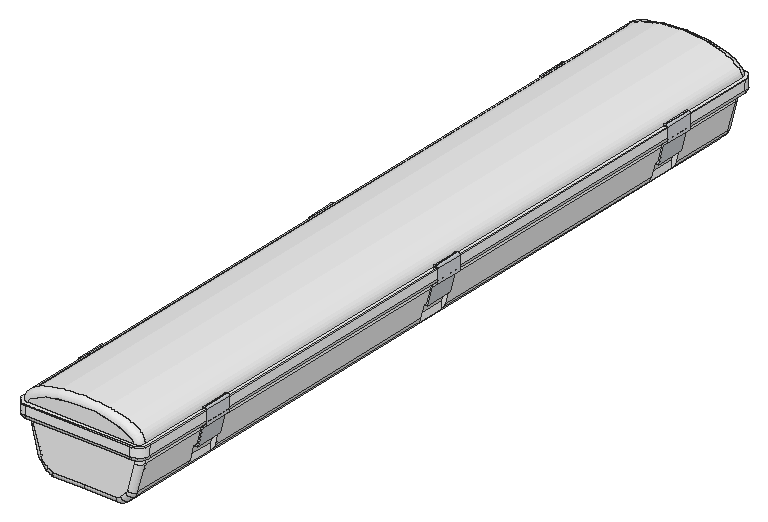
Revit family "0048769 Feilo Sylvania Lighting Fixture HYDROPROOF LED G3 600MM S 4K", category Lighting Fixtures, host Face, Revit 2016
Family settings
  Host = Face
  Part Type = Normal
  Round Connector Dimension = Use Diameter
  OmniClass Number = 23.80.70.11.14
  OmniClass Title = General Luminaries, Directional
  Cut with Voids When Loaded = No
  Light Source = Yes
  Shared = No
  Room Calculation Point = No
Parameters (values of type "0048769 HYDROPROOF LED G3 600MM S 4K  ")
  Width = 110 mm
  Weight = "1.12 kg"
  Wattage Comments = "n/a"
  Wattage = 14 W
  WarrantyStartDate [instance] = "n/a"
  WarrantyGuarantorParts = "n/a"
  WarrantyDurationUnit = "n/a"
  WarrantyDurationParts = "n/a"
  WarrantyDescription = "n/a"
  built-in parameter 1150110 = 1 (stored number, unit not read)
  Voltage = 230 V
  URL = "http://www.sylvania-lighting.com"
  TypeName = "HYDROPROOF LED G3 600MM S 4K"
  Type Image = <None>
  Type Comments = "n/a"
  built-in parameter 1114217 = 1 (stored number, unit not read)
  Tilt Angle = -90.00°
  built-in parameter 1150109 = 1 (stored number, unit not read)
  built-in parameter 1150134 = 12
  built-in parameter 1150113 = 1 (stored number, unit not read)
  SerialNumber [instance] = "n/a"
  ReflectorMaterial = none
  PowerFactor = 0
  PowerConsumption = "14 W"
  Photometric Web File = "0048769.ies"
  NominalWidth = 0 mm
  NominalLength = 665 mm
  NominalHeight = 78 mm
  Name = "HYDROPROOF LED G3 600MM S 4K"
  ModelReference = "HYDROPROOF LED G3 600MM S 4K"
  ModelNumber = "0048769"
  Model = "HYDROPROOF LED G3 600MM S 4K"
  Material = "grp housing, pmma diffuser"
  ManufacturerName = "Feilo Sylvania"
  Manufacturer = "Feilo Sylvania"
  LuminousEfficacy = "135 lm/W"
  built-in parameter 1150105 = 150.4 (stored number, unit not read)
  Lumens = 1890 lm
  LuminaireType = ""
  built-in parameter 1150115 = 1 (stored number, unit not read)
  LightOutputRatio = "n/a"
  built-in parameter 1150137 = (empty or 0)
  built-in parameter 1150139 = (empty or 0)
  Length = 665 mm
  LampsType = Lamp  # "LED"
  LampNominalLuminous = "1900 lm"
  LampMacAdamStep = "3"
  LampColourTemperature = "4000 K"
  LampColourRenderingIndex = "80"
  built-in parameter 1150112 = 1 (stored number, unit not read)
  built-in parameter 1150114 = 1 (stored number, unit not read)
  Lamp = "LED"
  Keynote = "16500"
  InstallationDate [instance] = "n/a"
  InputVoltage = "220-240V~"
  InputNominalFrequency = "50/60 Hz"
  built-in parameter 1150132 = (empty or 0)
  built-in parameter 1150102 = (empty or 0)
  built-in parameter 1150107 = 4000 (stored number, unit not read)
  built-in parameter 1150138 = (empty or 0)
  IngressProtection = "IP65"
  ImpactProtectionIndex = "IK02"
  built-in parameter 1150106 = 1.504 (stored number, unit not read)
  IfcExportType = "IfcLightFixtureType"
  IfcExportAs = "IfcLightFixtureType"
  ExpectedLife = 50000
  Emit from Rectangle Width = Width - 20 mm  # 90 mm
  Emit from Rectangle Length = Length - 20 mm  # 645 mm
  Emit Shape Visible in Rendering = no
  ElectricShockClassification = "Class I"
  built-in parameter 1150104 = 12.542 (stored number, unit not read)
  DurationUnit = "hours"
  DocumentationLiterature = "http://www.sylvania-lighting.com/product/en-int/products/0048769"
  DimmingControlOptions = "Non dimmable"
  Dimming Lamp Color Temperature Shift = <None>
  DiffuserMaterial = Diffuser-Sylvania-Transparent
  Description = "Hydroproof, integrated LED chemical resistant weatherproof luminaire, with UV stabilized flat diffuser and linear prisms designed to achieve uniform lit appearance, optimise light output and to reduce glare, stainless steel diffuser clips and fixing brackets for surface and wall mounting. L 665 mm x W 110 mm x H 78 mm size, GRP housing, PMMA diffuser, Non dimmable,   4000K, CRI80,  1900 lm, 14 W, 135 lm/W, nominal average life (h):50000, energy class: A++ A+ A Class I,IK02, IP65."
  Default Elevation = 1219.2 mm
  CreatedOn = "3/27/2018"
  CreatedBy = "aron.fodor@feilosylvania.com"
  Cost = 0
  Color Filter = 16777215
  built-in parameter 1114216 [instance] = (empty or 0)
  ClassificationValue = "EF_70_80"
  ClassificationName = "Uniclass2015"
  BracketOffset_FEILO = 360 mm
  BodyMaterial = Body-Sylvania-Gray
  BarCode [instance] = "n/a"
  built-in parameter 1114218 = 1 (stored number, unit not read)
  built-in parameter 1150133 = 10 (stored number, unit not read)
  AssetType = "Fixed"
  AssetIdentifier [instance] = "n/a"
  Assembly Code = "D5020200"
  Apparent Load = 14 VA
  AccessoryMaterial = Diffuser-Sylvania-Glow
Reference planes
  plane 1 "Center (Front/Back)": y = 0
  plane 2: z = 0
  plane 3 "Center (Left/Right)": x = 0
  plane 4: z = 54
  plane 5: x = -27.7
  plane 6: x = -34.8
  plane 7: x = -39.6
  plane 8: x = -42.2
  plane 9: z = 3
  plane 10: z = 7.8
  plane 11: z = 12.3
  plane 12: z = 36.6
  plane 13: z = 42.8
  plane 14: x = -51.1
  plane 15: z = 46.2
  plane 16: x = -55
  plane 17: y = 332.5
  plane 18: y = -332.5
  plane 19: x = 27.7
  plane 20: x = 34.8
  plane 21: x = 39.6
  plane 22: x = 42.2
  plane 23: x = 51.1
  plane 24: x = 55
  plane 25: y = 324.9
  plane 26: y = -324.9
  plane 27: y = -321.2
  plane 28: y = 321.2
  plane 29: z = 74
  plane 30: x = -51.5
  plane 31: x = 51.5
  plane 32: z = 55.2
  plane 33: y = -329
  plane 34: y = 329
  plane 35: x = -37.5
  plane 36: x = 37.5
  plane 37: x = -48.7
  plane 38: x = 48.7
  plane 39: z = 50.2
  plane 40: z = 24.6
  plane 41: y = 720
  plane 42: y = 706
  plane 43: y = 734
  plane 44: y = 250
  plane 45: y = 236
  plane 46: y = 264
  plane 47: y = 0
  plane 48: y = -14
  plane 49: y = 14
  plane 50: y = -250
  plane 51: y = -264
  plane 52: y = -236
Forms (mm)
  Sweep 1, solid, material "Body-Sylvania-Gray" <- "BodyMaterial", detail levels medium+fine
    path origin (1223.4, -4572, 54) x (0, -1, 0) y (1, 0, 0)
      loop
        arc (-4249.5, -1278.4) -> (-4242.429, -1275.471) -> (-4239.5, -1268.4) r 10
        line (-4239.5, -1268.4) -> (-4239.5, -1178.4)
        arc (-4239.5, -1178.4) -> (-4242.429, -1171.329) -> (-4249.5, -1168.4) r 10
        line (-4249.5, -1168.4) -> (-4894.5, -1168.4)
        arc (-4894.5, -1168.4) -> (-4901.571, -1171.329) -> (-4904.5, -1178.4) r 10
        line (-4904.5, -1178.4) -> (-4904.5, -1268.4)
        arc (-4904.5, -1268.4) -> (-4901.571, -1275.471) -> (-4894.5, -1278.4) r 10
        line (-4894.5, -1278.4) -> (-4249.5, -1278.4)
    profile origin (-55, 0, 54) x (-1, 0, 0) y (0, 0, 1)
      loop
        line (0, 0) -> (-1, 0) -> (-1, -7.726)
        arc (-1, -7.726) -> (-1.994, -9.498) -> (-3.9, -10.2) r 2.937
        line (-3.9, -10.2) -> (-8.571, -10.2) -> (-8.571, -11.2) -> (-3.9, -11.2)
        arc (-3.9, -11.2) -> (-1.313, -10.231) -> (0, -7.8) r 3.937
        line (0, -7.8) -> (0, 0)
  Sweep 2, solid, material "Body-Sylvania-Gray" <- "BodyMaterial", detail levels medium+fine
    path origin (0, 0, 0) x (1, 0, 0) y (0, 0, 1)
      loop
        line (48.7, 42.8) -> (48.7, 36.6) -> (42.203, 12.31)
        arc (42.203, 12.31) -> (41.199, 9.884) -> (39.6, 7.8) r 10.052
        line (39.6, 7.8) -> (34.8, 3)
        arc (34.8, 3) -> (31.554, 0.781) -> (27.7, 0) r 9.902
        line (27.7, 0) -> (0, 0) -> (-27.7, 0)
        arc (-27.7, 0) -> (-31.554, 0.781) -> (-34.8, 3) r 9.902
        line (-34.8, 3) -> (-39.6, 7.8)
        arc (-39.6, 7.8) -> (-41.199, 9.884) -> (-42.203, 12.31) r 10.052
        line (-42.203, 12.31) -> (-48.7, 36.6) -> (-48.7, 42.8)
    profile origin (0, 0, 0) x (0, 0, -1) y (0, -1, 0)
      loop
        arc (0, 319.9) -> (-1.464, 323.436) -> (-5, 324.9) r 5
        line (-5, 324.9) -> (-7.8, 324.9) -> (-7.8, -324.9) -> (-5, -324.9)
        arc (-5, -324.9) -> (-1.464, -323.436) -> (0, -319.9) r 5
        line (0, -319.9) -> (0, 319.9)
  Extrusion 3, solid, material "Body-Sylvania-Gray" <- "BodyMaterial", detail levels medium+fine
    sketch origin (1524, 324.9, 1219.2) x (1, 0, 0) y (0, 0, 1)
      loop
        arc (-1558.668, -1204.874) -> (-1558.443, -1205.418) -> (-1558.085, -1205.885) r 2.252
        line (-1558.085, -1205.885) -> (-1553.231, -1210.738)
        arc (-1553.231, -1210.738) -> (-1552.534, -1211.227) -> (-1551.7, -1211.4) r 2.102
        line (-1551.7, -1211.4) -> (-1496.3, -1211.4)
        arc (-1496.3, -1211.4) -> (-1495.466, -1211.227) -> (-1494.769, -1210.738) r 2.102
        line (-1494.769, -1210.738) -> (-1489.915, -1205.885)
        arc (-1489.915, -1205.885) -> (-1489.557, -1205.418) -> (-1489.332, -1204.874) r 2.252
        line (-1489.332, -1204.874) -> (-1483.1, -1181.575) -> (-1483.1, -1176.4) -> (-1564.9, -1176.4) -> (-1564.9, -1181.575) -> (-1558.668, -1204.874)
    from 0 to 649.8
  Sweep 4, solid, material "Diffuser-Sylvania-Transparent" <- "DiffuserMaterial", detail levels medium+fine
    path origin (0, 0, 0) x (1, 0, 0) y (0, 0, 1)
      loop
        spline (-51.5, 55.2) -> (-49.745, 60.066) -> (-44.6, 64.6) -> (-36.416, 68.494) -> (-25.75, 71.481) -> (-13.329, 73.359) -> (0, 74) -> (13.329, 73.359) -> (25.75, 71.481) -> (36.416, 68.494) -> (44.6, 64.6) -> (49.745, 60.066) -> (51.5, 55.2)
    profile origin (51.5, 0, 55.2) x (0, -1, 0) y (1, 0, 0)
      loop
        arc (329, -5.5) -> (327.389, -1.611) -> (323.5, 0) r 5.5
        line (323.5, 0) -> (-323.5, 0)
        arc (-323.5, 0) -> (-327.389, -1.611) -> (-329, -5.5) r 5.5
        line (-329, -5.5) -> (-329, -6.3) -> (-328, -6.3) -> (-328, -5.5)
        arc (-328, -5.5) -> (-326.682, -2.318) -> (-323.5, -1) r 4.5
        line (-323.5, -1) -> (323.5, -1)
        arc (323.5, -1) -> (326.682, -2.318) -> (328, -5.5) r 4.5
        line (328, -5.5) -> (328, -6.347) -> (329, -6.347) -> (329, -5.5)
  Extrusion 5, solid, material "Diffuser-Sylvania-Transparent" <- "DiffuserMaterial", detail levels medium+fine
    sketch origin (1524, -329, 1219.2) x (1, 0, 0) y (0, 0, 1)
      loop
        line (-1569.653, -1164) -> (-1478.347, -1164)
        spline (-1478.347, -1164) -> (-1478.969, -1162.594) -> (-1482.527, -1159.545) -> (-1489.588, -1156.201) -> (-1499.458, -1153.445) -> (-1511.242, -1151.663) -> (-1524, -1151.049) -> (-1536.758, -1151.663) -> (-1548.542, -1153.445) -> (-1558.412, -1156.201) -> (-1565.473, -1159.545) -> (-1569.031, -1162.594) -> (-1569.653, -1164)
    from 0 to -1
  Extrusion 6, solid, material "Diffuser-Sylvania-Transparent" <- "DiffuserMaterial", detail levels medium+fine
    sketch origin (1524, 329, 1219.2) x (1, 0, 0) y (0, 0, 1)
      loop
        spline (-1478.3, -1164) -> (-1478.931, -1162.565) -> (-1482.502, -1159.505) -> (-1489.572, -1156.155) -> (-1499.446, -1153.394) -> (-1511.236, -1151.614) -> (-1524, -1151.007) -> (-1536.764, -1151.614) -> (-1548.554, -1153.394) -> (-1558.428, -1156.155) -> (-1565.498, -1159.505) -> (-1569.069, -1162.565) -> (-1569.7, -1164)
        line (-1569.7, -1164) -> (-1478.3, -1164)
    from 0 to 1
  Extrusion 7, solid, material "Diffuser-Sylvania-Transparent" <- "DiffuserMaterial", detail levels medium+fine
    sketch origin (1223.4, -4572, 55.2) x (0, -1, 0) y (-1, 0, 0)
      loop
        arc (-4900, 1177.4) -> (-4898.682, 1174.218) -> (-4895.5, 1172.9) r 4.5
        line (-4895.5, 1172.9) -> (-4248.5, 1172.9)
        arc (-4248.5, 1172.9) -> (-4245.318, 1174.218) -> (-4244, 1177.4) r 4.5
        line (-4244, 1177.4) -> (-4244, 1269.4)
        arc (-4244, 1269.4) -> (-4245.318, 1272.582) -> (-4248.5, 1273.9) r 4.5
        line (-4248.5, 1273.9) -> (-4895.5, 1273.9)
        arc (-4895.5, 1273.9) -> (-4898.682, 1272.582) -> (-4900, 1269.4) r 4.5
        line (-4900, 1269.4) -> (-4900, 1177.4)
      loop
        line (-4904.5, 1268.4) -> (-4904.5, 1178.4)
        arc (-4904.5, 1178.4) -> (-4901.571, 1171.329) -> (-4894.5, 1168.4) r 10
        line (-4894.5, 1168.4) -> (-4249.5, 1168.4)
        arc (-4249.5, 1168.4) -> (-4242.429, 1171.329) -> (-4239.5, 1178.4) r 10
        line (-4239.5, 1178.4) -> (-4239.5, 1268.4)
        arc (-4239.5, 1268.4) -> (-4242.429, 1275.471) -> (-4249.5, 1278.4) r 10
        line (-4249.5, 1278.4) -> (-4894.5, 1278.4)
        arc (-4894.5, 1278.4) -> (-4901.571, 1275.471) -> (-4904.5, 1268.4) r 10
    from 0 to 1.2
  Extrusion 8, solid, material "Diffuser-Sylvania-Glow" <- "AccessoryMaterial", detail levels fine
    sketch origin (0, 0, 0) x (1, 0, 0) y (0, 0, 1)
      loop
        circle (0, 50.2) r 8
    from -321.2 to 321.2
  Extrusion 9, solid, material "Body-Sylvania-Gray" <- "BodyMaterial", detail levels coarse
    sketch origin (0, 0, 0) x (1, 0, 0) y (0, 0, 1)
      loop
        line (55, 42.8) -> (55, 55.2) -> (-55, 55.2) -> (-55, 42.791) -> (-42.2, 0) -> (42.2, 0) -> (55, 42.8)
    from -332.5 to 332.5
  Extrusion 10, solid, material "Diffuser-Sylvania-Transparent" <- "DiffuserMaterial", detail levels coarse
    sketch origin (0, 0, 0) x (1, 0, 0) y (0, 0, 1)
      loop
        arc (51.5, 55.2) -> (0, 74) -> (-51.5, 55.2) r 79.939
        line (-51.5, 55.2) -> (51.5, 55.2)
    from 324.9 to -324.9
  Extrusion 11, void, not visible
    sketch origin (0, 720, 2343.807) x (0, 0, -1) y (-1, 0, 0)
      loop
        line (2340.807, -37.5) -> (2331.507, -37.5) -> (2319.207, -42.2) -> (2319.207, -48.7) -> (2340.807, -48.7) -> (2340.807, -37.5)
      loop
        line (2340.807, 37.5) -> (2340.807, 48.7) -> (2319.207, 48.7) -> (2319.207, 42.2) -> (2331.507, 37.5) -> (2340.807, 37.5)
    from -14 to 14
  Extrusion 12, void
    sketch origin (0, 250, 2343.807) x (0, 0, -1) y (-1, 0, 0)
      loop
        line (2340.807, -37.5) -> (2331.507, -37.5) -> (2319.207, -42.2) -> (2319.207, -48.7) -> (2340.807, -48.7) -> (2340.807, -37.5)
      loop
        line (2340.807, 37.5) -> (2340.807, 48.7) -> (2319.207, 48.7) -> (2319.207, 42.2) -> (2331.507, 37.5) -> (2340.807, 37.5)
    from -14 to 14
  Extrusion 13, void
    sketch origin (0, 0, 2343.807) x (0, 0, -1) y (-1, 0, 0)
      loop
        line (2340.807, -37.5) -> (2331.507, -37.5) -> (2319.207, -42.2) -> (2319.207, -48.7) -> (2340.807, -48.7) -> (2340.807, -37.5)
      loop
        line (2340.807, 37.5) -> (2340.807, 48.7) -> (2319.207, 48.7) -> (2319.207, 42.2) -> (2331.507, 37.5) -> (2340.807, 37.5)
    from -14 to 14
  Extrusion 14, void
    sketch origin (0, -250, 2343.807) x (0, 0, -1) y (-1, 0, 0)
      loop
        line (2340.807, -37.5) -> (2331.507, -37.5) -> (2319.207, -42.2) -> (2319.207, -48.7) -> (2340.807, -48.7) -> (2340.807, -37.5)
      loop
        line (2340.807, 37.5) -> (2340.807, 48.7) -> (2319.207, 48.7) -> (2319.207, 42.2) -> (2331.507, 37.5) -> (2340.807, 37.5)
    from -14 to 14
Cuts and joins
  Extrusion 12, Extrusion 13, Extrusion 14 cuts Sweep 2
  Extrusion 12, Extrusion 13, Extrusion 14 cuts Extrusion 3
  joined: Sweep 2, Extrusion 3
  joined: Sweep 4, Extrusion 5, Extrusion 6
Dimensions and locks
  locked: plane 4 to plane 2 at 54
  plane 5 to plane 6 to plane 7 to plane 8 to plane 14 to plane 16 = 7.1 mm locked, 4.8 mm locked, 2.6 mm locked, 8.9 mm, 3.9 mm
  plane 4 to plane 15 to plane 13 to plane 12 to plane 11 to plane 10 to plane 9 = 7.8 mm locked, 3.4 mm, 6.2 mm locked, 24.3 mm locked, 4.5 mm locked, 4.8 mm locked
  equal spacing: plane 18, plane 1 "Center (Front/Back)", plane 17
  "Length": plane 18 to plane 17
  plane 19 to plane 20 to plane 21 to plane 22 to plane 23 to plane 24 = 7.1 mm locked, 4.8 mm locked, 2.6 mm locked, 8.9 mm, 3.9 mm
  equal spacing: plane 24, plane 3 "Center (Left/Right)", plane 16
  "Width": plane 24 to plane 16
  equal spacing: plane 27, plane 1 "Center (Front/Back)", plane 28
  locked: plane 26 to plane 27 at 3.7
  locked: Sweep 1 sketch curve to profile plane at 1
  locked: Sweep 1 sketch curve to plane 13 at 1
  locked: Sweep 1 sketch curve to plane 13 at 3.937  (x2)
  locked: Sweep 1 sketch curve to profile plane at 3.9  (x2)
  locked: plane 29 to plane 4 at 20
  equal spacing: plane 31, plane 3 "Center (Left/Right)", plane 30
  locked: plane 30 to plane 16 at 3.5
  locked: plane 32 to plane 4 at 1.2
  equal spacing: plane 33, plane 1 "Center (Front/Back)", plane 34
  equal spacing: plane 36, plane 3 "Center (Left/Right)", plane 35
  locked: plane 3 "Center (Left/Right)" to plane 35 at 37.5
  locked: plane 34 to plane 17 at 3.5
  equal spacing: plane 38, plane 3 "Center (Left/Right)", plane 37
  locked: plane 37 to plane 16 at 6.3
  equal spacing: plane 25, plane 1 "Center (Front/Back)", plane 26
  locked: plane 17 to plane 25 at 7.6
  locked: Sweep 2 sketch curve to plane 2 at 5  (x2)
  locked: Sweep 2 sketch curve to plane 26 at 5
  locked: plane 25 to Sweep 2 sketch curve at 5
  locked: Sweep 4 sketch curve to plane 31 at 5.5  (x2)
  locked: Sweep 4 sketch curve to plane 34 at 5.5
  plane 33 to Sweep 4 sketch curve = 5.5 mm
  locked: plane 34 to Sweep 4 sketch curve at 1
  locked: Sweep 4 sketch curve to plane 31 at 1
  locked: Sweep 4 sketch curve to Sweep 4 sketch curve at 1
  locked: Sweep 4 sketch curve to plane 31 at 6.347
  locked: Sweep 4 sketch curve to plane 31 at 6.3
  locked: plane 40 to plane 2 at 24.6
  plane 43 to plane 41 to plane 42 = 14 mm locked, 14 mm locked
  plane 46 to plane 44 to plane 45 = 14 mm locked, 14 mm locked
  plane 49 to plane 47 to plane 48 = 14 mm locked, 14 mm locked
  plane 52 to plane 50 to plane 51 = 14 mm locked, 14 mm locked
  equal spacing: plane 44, plane 1 "Center (Front/Back)", plane 50
  locked: plane 44 to plane 1 "Center (Front/Back)" at 250
  aligned and locked: plane 2 to host face
  aligned and locked: level to host face
  aligned and locked: plane 16 to Sweep 1 sketch curve
  aligned and locked: Sweep 1 sketch curve to plane 24
  aligned and locked: plane 18 to Sweep 1 sketch curve
  aligned and locked: Sweep 1 sketch curve to plane 13
  aligned and locked: profile plane to Sweep 1 sketch curve
  aligned and locked: plane 3 "Center (Left/Right)" to Sweep 2 sketch curve
  aligned and locked: plane 9 to Sweep 2 sketch curve
  aligned and locked: plane 10 to Sweep 2 sketch curve
  aligned and locked: plane 37 to Sweep 2 sketch curve
  aligned and locked: plane 12 to Sweep 2 sketch curve
  aligned and locked: Sweep 2 sketch curve to level
  aligned and locked: plane 21 to Sweep 2 sketch curve
  aligned and locked: plane 38 to Sweep 2 sketch curve
  aligned and locked: profile plane to Sweep 2 sketch curve
  aligned and locked: plane 25 to Sweep 2 sketch curve
  aligned and locked: Sweep 2 sketch curve to plane 10
  aligned and locked: Extrusion 3 sketch curve to Sweep 2  (x7)
  aligned and locked: Sweep 2 to Extrusion 3 sketch curve
  aligned and locked: Extrusion 3 to plane 25
  aligned and locked: plane 26 to Extrusion 3
  aligned and locked: plane 32 to Sweep 4 sketch curve
  aligned and locked: plane 33 to Sweep 4 sketch curve
  aligned and locked: Sweep 4 to Extrusion 5
  aligned and locked: plane 33 to Extrusion 5
  aligned and locked: Extrusion 5 sketch curve to Sweep 4
  aligned and locked: cut or joined group of Sweep 4, Extrusion 5, Extrusion 6 to Extrusion 6 sketch curve
  aligned and locked: Extrusion 7 sketch curve to cut or joined group of Sweep 4, Extrusion 5, Extrusion 6  (x2)
  aligned and locked: cut or joined group of Sweep 4, Extrusion 5, Extrusion 6 to Extrusion 7 sketch curve  (x2)
  aligned and locked: plane 39 to Extrusion 8 sketch curve
  aligned and locked: plane 27 to Extrusion 8
  aligned and locked: Extrusion 8 to plane 28
  aligned and locked: Extrusion 7 sketch curve to Sweep 1  (x4)
  aligned and locked: plane 4 to Extrusion 7
  aligned and locked: Extrusion 7 to plane 32
  aligned and locked: Extrusion 9 sketch curve to plane 24
  aligned and locked: Extrusion 9 sketch curve to Extrusion 7
  aligned and locked: plane 8 to Extrusion 9 sketch curve
  aligned and locked: plane 22 to Extrusion 9 sketch curve
  aligned and locked: level to Extrusion 9 sketch curve
  aligned and locked: Extrusion 9 to plane 17
  aligned and locked: plane 18 to Extrusion 9
  aligned and locked: cut or joined group of Sweep 4, Extrusion 5, Extrusion 6 to Extrusion 10 sketch curve
  aligned and locked: Extrusion 10 sketch curve to cut or joined group of Sweep 4, Extrusion 5, Extrusion 6  (x2)
  aligned and locked: plane 31 to Extrusion 10 sketch curve
  aligned and locked: plane 30 to Extrusion 10 sketch curve
  aligned and locked: plane 26 to Extrusion 10
  aligned and locked: Extrusion 10 to plane 25
  aligned and locked: imposter light to plane 29
  aligned and locked: plane 3 "Center (Left/Right)" to imposter light
  aligned and locked: plane 1 "Center (Front/Back)" to imposter light
  aligned and locked: plane 45 to Extrusion 12
  aligned and locked: Extrusion 12 to plane 46
  aligned and locked: plane 48 to Extrusion 13
  aligned and locked: Extrusion 13 to plane 49
  aligned and locked: plane 51 to Extrusion 14
  aligned and locked: Extrusion 14 to plane 52
  aligned and locked: nested 1 to plane 44
  aligned and locked: plane 44 to nested 6
  aligned and locked: nested 2 to plane 47
  aligned and locked: plane 47 to nested 5
  aligned and locked: nested 3 to plane 50
  aligned and locked: plane 50 to nested 4
  aligned and locked: plane 47 to plane 1 "Center (Front/Back)"
  aligned and locked: plane 3 "Center (Left/Right)" to Extrusion 8 sketch curve
Automatic sketch dimensions
  host sketch curve to host sketch curve = 2438.4 mm  (x2)
  plane 17 to Sweep 1 sketch curve = 0 mm
  Sweep 1 sketch curve to plane 28 = 1.3 mm
  Sweep 1 sketch curve to plane 7 = 5.4 mm
  plane 27 to Sweep 1 sketch curve = 1.3 mm  (x2)
  Sweep 1 sketch curve to Sweep 1 sketch curve = 4.671 mm
  Sweep 1 sketch curve to plane 4 = 0 mm
  Sweep 2 sketch curve to plane 7 = 0 mm
  Sweep 2 sketch curve to plane 6 = 0 mm
  Sweep 2 sketch curve to plane 5 = 0 mm
  plane 19 to Sweep 2 sketch curve = 0 mm
  Sweep 2 sketch curve to plane 9 = 0 mm
  plane 20 to Sweep 2 sketch curve = 0 mm
  Sweep 2 sketch curve to plane 12 = 0 mm
  Sweep 2 sketch curve to plane 10 = 0 mm
  Sweep 2 sketch curve to plane 13 = 0 mm  (x2)
  Sweep 2 sketch curve to plane 8 = 0.003 mm
  plane 6 to Sweep 2 sketch curve = 2.308 mm
  plane 20 to Sweep 2 sketch curve = 2.308 mm
  Sweep 2 sketch curve to plane 22 = 0.003 mm
  Sweep 2 sketch curve to plane 11 = 0.01 mm  (x2)
  Extrusion 3 sketch curve to plane 5 = 0 mm
  plane 19 to Extrusion 3 sketch curve = 0 mm
  plane 6 to Extrusion 3 sketch curve = 0.132 mm
  plane 6 to Extrusion 3 sketch curve = 0.715 mm
  Extrusion 3 sketch curve to Extrusion 3 sketch curve = 1.592 mm
  Extrusion 3 sketch curve to plane 10 = 0.662 mm  (x2)
  plane 20 to Extrusion 3 sketch curve = 2.308 mm
  plane 20 to Extrusion 3 sketch curve = 0.715 mm
  plane 20 to Extrusion 3 sketch curve = 0.132 mm
  Sweep 4 sketch curve to plane 30 = 0 mm
  Sweep 4 sketch curve to plane 3 "Center (Left/Right)" = 0 mm
  Sweep 4 sketch curve to Sweep 4 sketch curve = 0 mm  (x2)
  plane 37 to Extrusion 5 sketch curve = 3.047 mm
  Extrusion 5 sketch curve to plane 38 = 3.047 mm
  plane 37 to Extrusion 6 sketch curve = 3 mm
  Extrusion 6 sketch curve to plane 38 = 3 mm
  plane 25 to Extrusion 7 sketch curve = 1.4 mm  (x2)
  Extrusion 7 sketch curve to plane 26 = 1.4 mm  (x2)
  Extrusion 9 sketch curve to plane 13 = 0 mm
  plane 13 to Extrusion 9 sketch curve = 0.009 mm
  Extrusion 10 sketch curve to level = 5.939 mm
  Extrusion 9 sketch curve to plane 16 = 0 mm
  Extrusion 11 sketch curve to Extrusion 11 sketch curve = 0 mm
  Extrusion 11 sketch curve to Extrusion 11 sketch curve = 12.3 mm  (x2)
  Extrusion 11 sketch curve to Extrusion 11 sketch curve = 9.3 mm  (x2)
  Extrusion 11 sketch curve to Extrusion 11 sketch curve = 6.5 mm
  Extrusion 11 sketch curve to Extrusion 11 sketch curve = 4.7 mm  (x2)
  Extrusion 11 sketch curve to Extrusion 11 sketch curve = 75 mm
  Extrusion 11 sketch curve to Extrusion 11 sketch curve = 11.2 mm
  Extrusion 12 sketch curve to Extrusion 12 sketch curve = 0 mm
  Extrusion 12 sketch curve to Extrusion 12 sketch curve = 12.3 mm  (x2)
  Extrusion 12 sketch curve to Extrusion 12 sketch curve = 9.3 mm  (x2)
  Extrusion 12 sketch curve to Extrusion 12 sketch curve = 6.5 mm
  Extrusion 12 sketch curve to Extrusion 12 sketch curve = 4.7 mm  (x2)
  Extrusion 12 sketch curve to Extrusion 12 sketch curve = 75 mm
  Extrusion 12 sketch curve to Extrusion 12 sketch curve = 11.2 mm
  Extrusion 13 sketch curve to Extrusion 13 sketch curve = 0 mm
  Extrusion 13 sketch curve to Extrusion 13 sketch curve = 12.3 mm  (x2)
  Extrusion 13 sketch curve to Extrusion 13 sketch curve = 9.3 mm  (x2)
  Extrusion 13 sketch curve to Extrusion 13 sketch curve = 6.5 mm
  Extrusion 13 sketch curve to Extrusion 13 sketch curve = 4.7 mm  (x2)
  Extrusion 13 sketch curve to Extrusion 13 sketch curve = 75 mm
  Extrusion 13 sketch curve to Extrusion 13 sketch curve = 11.2 mm
  Extrusion 14 sketch curve to Extrusion 14 sketch curve = 0 mm
  Extrusion 14 sketch curve to Extrusion 14 sketch curve = 12.3 mm  (x2)
  Extrusion 14 sketch curve to Extrusion 14 sketch curve = 9.3 mm  (x2)
  Extrusion 14 sketch curve to Extrusion 14 sketch curve = 6.5 mm
  Extrusion 14 sketch curve to Extrusion 14 sketch curve = 4.7 mm  (x2)
  Extrusion 14 sketch curve to Extrusion 14 sketch curve = 75 mm
  Extrusion 14 sketch curve to Extrusion 14 sketch curve = 11.2 mm
  radius of Extrusion 8 sketch curve = 8 mm
Nested families
  nested 1: "Clip" at (-42.2, 250, 24.6) x (-1, 0, 0) z (0, 0, 1), type "Clip", detail levels fine
  nested 2: "Clip" at (-42.2, 0, 24.6) x (-1, 0, 0) z (0, 0, 1), type "Clip", detail levels fine
  nested 3: "Clip" at (-42.2, -250, 24.6) x (-1, 0, 0) z (0, 0, 1), type "Clip", detail levels fine
  nested 4: "Clip" at (42.2, -250, 24.6), type "Clip", detail levels fine
  nested 5: "Clip" at (42.2, 0, 24.6), type "Clip", detail levels fine
  nested 6: "Clip" at (42.2, 250, 24.6), type "Clip", detail levels fine
Connectors
  electrical at (0, 0, 0), driven by "Apparent Load"
    settings: index 1, voltage 230 V, apparent load 14 VA, apparent load phase1 0 VA, apparent load phase2 0 VA, apparent load phase3 0 VA, power factor 0, load classification "Lighting", number of poles 1, system type 30, power factor state 1, is connector primary yes, connector utility no, sub classification motor no, connector description ""
Definition of nested family "Clip"
  Parameters (values of type "Clip")
    URL = "http://www.feilosylvania.com"
    Type Comments = "n/a"
    Model = "n/a"
    Manufacturer = "Feilo Sylvania"
    Keynote = "n/a"
    Description = "n/a"
    Default Elevation = 1219.2 mm
    Cost = 0
    BodyMaterial = none
    Assembly Code = "n/a"
  Reference planes
    plane 1 "Center (Front/Back)": y = 0
    plane 2: z = 0
    plane 3 "Center (Left/Right)": x = 0
    plane 4: x = 3.3
    plane 5: x = 6.5
    plane 6: x = 8.9
    plane 7: x = 12.8
    plane 8: z = 12
    plane 9: z = 18.2
    plane 10: z = 21.6
    plane 11: z = 30.6
    plane 12: x = 9.3
    plane 13: z = 19.2
    plane 14: z = 16.2
    plane 15: x = 10.1
    plane 16: y = 12
    plane 17: y = -12
  Forms (mm)
    Extrusion 1, solid
      sketch origin (-0.8, 0, 0) x (1, 0, 0) y (0, 1, 0)
        loop
          line (-1219.2, 1219.2) -> (-1219.2, -1219.2) -> (1219.2, -1219.2) -> (1219.2, 1219.2) -> (-1219.2, 1219.2)
      from 0 to -304.8
    Extrusion 2, solid
      sketch origin (0, 0, 0) x (1, 0, 0) y (0, 0, 1)
        loop
          line (8.9, 16.2) -> (4.58, 0) -> (0, 0) -> (0, -0.8) -> (5.195, -0.8) -> (9.603, 15.731) -> (13.6, 18.806) -> (13.6, 30.6)
          arc (13.6, 30.6) -> (11.45, 32.75) -> (9.3, 30.6) r 2.15
          line (9.3, 30.6) -> (10.1, 30.6)
          arc (10.1, 30.6) -> (11.45, 31.95) -> (12.8, 30.6) r 1.35
          line (12.8, 30.6) -> (12.8, 19.2) -> (8.9, 16.2)
      from -12 to 12
  Lines and regions (mm)
    reference lines
      curve 1: line (3.3, 0, 0) -> (6.5, 0, 12)
      curve 2: arc (8.9, 0, 18.2) -> (11.488, 0, 19.169) -> (12.8, 0, 21.6) r 3.934
  Dimensions and locks
    plane 7 to plane 6 to plane 5 to plane 4 to plane 3 "Center (Left/Right)" = 3.9 mm locked, 2.4 mm locked, 3.2 mm locked, 3.3 mm locked
    plane 11 to plane 10 to plane 9 to plane 8 to plane 2 = 9 mm locked, 3.4 mm locked, 6.2 mm locked, 12 mm locked
    locked: plane 7 to plane 12 at 3.5
    locked: plane 13 to plane 9 at 1
    locked: plane 9 to plane 14 at 2
    locked: plane 15 to plane 12 at 0.8
    locked: plane 2 to Extrusion 2 sketch curve at 0.8
    locked: Extrusion 2 sketch curve to Extrusion 2 sketch curve at 0.8  (x3)
    locked: plane 7 to Extrusion 2 sketch curve at 1.35
    equal spacing: plane 17, plane 1 "Center (Front/Back)", plane 16
    locked: plane 1 "Center (Front/Back)" to plane 16 at 12
    aligned and locked: plane 2 to Extrusion 1
    aligned and locked: level to Extrusion 1
    aligned and locked: plane 4 to curve 1
    aligned and locked: plane 5 to curve 1
    aligned and locked: plane 6 to curve 2
    aligned and locked: plane 10 to curve 2
    aligned and locked: plane 14 to Extrusion 2 sketch curve
    aligned and locked: plane 13 to Extrusion 2 sketch curve
    aligned and locked: plane 7 to Extrusion 2 sketch curve
    aligned and locked: plane 3 "Center (Left/Right)" to Extrusion 2 sketch curve
    aligned and locked: Extrusion 2 sketch curve to level
    aligned and locked: Extrusion 2 sketch curve to plane 11
    aligned and locked: plane 11 to Extrusion 2 sketch curve
    aligned and locked: Extrusion 2 to plane 16
    aligned and locked: plane 17 to Extrusion 2
  Automatic sketch dimensions
    Extrusion 1 sketch curve to Extrusion 1 sketch curve = 2438.4 mm  (x2)
    curve 2 to plane 7 = 0 mm
    curve 1 to level = 0 mm
    curve 1 to plane 8 = 0 mm
    curve 2 to plane 9 = 0 mm
    plane 6 to curve 2 = 0.002 mm
    Extrusion 2 sketch curve to Extrusion 2 sketch curve = 0 mm
    Extrusion 2 sketch curve to plane 6 = 0 mm
    plane 4 to Extrusion 2 sketch curve = 1.28 mm
